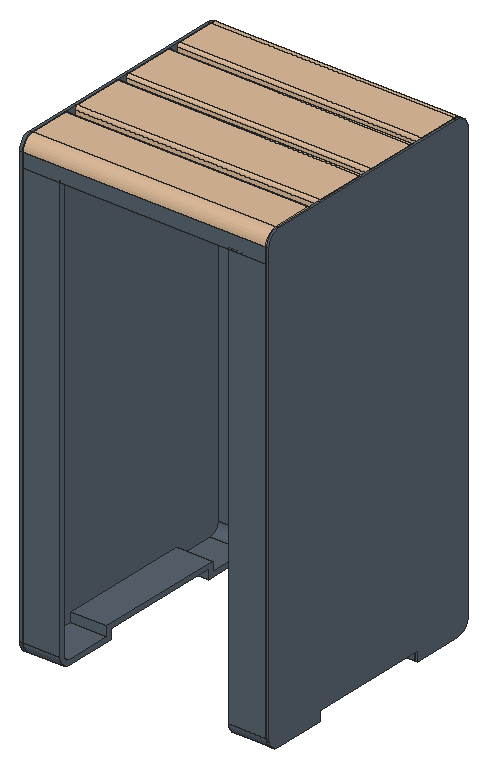
Revit family "product code 61110-S-L", category Meble, Revit 2021
Family settings
  Numer OmniClass = 23.40.20.00
  Tytuł OmniClass = General Furniture and Specialties
  Oparty na płaszczyźnie roboczej = Nie
  Zawsze pionowo = Tak
  Tnij formami wycięć po wczytaniu = Nie
  Współdzielony = Nie
  Punkt obliczania pomieszczeń = Nie
Parameters (values of type "61110-S-L")
  wood = Kobenhagen Wood - Larch
  metal = Kobenhagen RAL 5011
  Width = "40 cm"
  Weight = "30 kg"
  URL = "https://kobenhagen.com/en_US/p/Indre-By-Bar-Stool/211"
  Product line = "Indre By"
  Product Groups = "Stools"
  Producent = "Lars Laj"
  Keynote = ""
  Opis = "Indre By Bar Stool"
  Model = "61110-S-L"
  Material = "Larch, stainless steel, powder coated steel"
  Maintenance = "We recommend to examine and tighten all screws and bolt clamps after a few weeks’ use. In order to prevent cracks and to extend the life of the wood, it is recommended that the wood details should be oiled every 3-5 years."
  Lenght = "40 cm"
  Type Comments = ""
  Kobenhagen Materials = "larslaj.com/bim"
  Hosted on larslaj.com = "https://larslaj.com/bim"
  Height = "75 cm"
  Domyślna rzędna = 0 mm
  Copyright = "All designs and drawings are the intellectual property of Lars Laj A/S and are protected by Danish and international copyright laws."
Reference planes
  plane 1 "front": y = 0
  plane 2: z = 0
  plane 3 "Środek (Lewa/Prawa)": x = 0
  plane 4 "left": x = -196.25
  plane 5 "right": x = 195.938
  plane 6 "back": y = 400
  plane 7: x = -136.25
  plane 8: x = 135.937
  plane 9: z = 706.5
Forms (mm)
  Extrusion 1, solid, material "Kobenhagen Wood - Larch" <- "wood"
    sketch origin (0, -51.281, 318.96) x (0, 1, 0) y (0, 0, 1)
      loop
        arc (263.304, 429.703) -> (259.768, 428.239) -> (258.304, 424.703) r 5
        line (258.304, 424.703) -> (258.304, 390)
        arc (258.304, 390) -> (258.878, 388.615) -> (260.264, 388.04) r 1.96
        line (260.264, 388.04) -> (346.304, 388.04)
        arc (346.304, 388.04) -> (347.718, 388.626) -> (348.304, 390.04) r 2
        line (348.304, 390.04) -> (348.304, 424.703)
        arc (348.304, 424.703) -> (346.839, 428.239) -> (343.304, 429.703) r 5
        line (343.304, 429.703) -> (263.304, 429.703)
    from -196.25 to 195.937
  Extrusion 2, solid, material "Kobenhagen Wood - Larch" <- "wood"
    sketch origin (0, -153.73, 318.96) x (0, 1, 0) y (0, 0, 1)
      loop
        arc (263.253, 429.703) -> (259.718, 428.239) -> (258.253, 424.703) r 5
        line (258.253, 424.703) -> (258.253, 390)
        arc (258.253, 390) -> (258.827, 388.615) -> (260.213, 388.04) r 1.96
        line (260.213, 388.04) -> (346.253, 388.04)
        arc (346.253, 388.04) -> (347.668, 388.626) -> (348.253, 390.04) r 2
        line (348.253, 390.04) -> (348.253, 424.703)
        arc (348.253, 424.703) -> (346.789, 428.239) -> (343.253, 429.703) r 5
        line (343.253, 429.703) -> (263.253, 429.703)
    from -196.25 to 195.937
  Extrusion 3, solid, material "Kobenhagen Wood - Larch" <- "wood"
    sketch origin (0, -255.918, 318.96) x (0, 1, 0) y (0, 0, 1)
      loop
        arc (275.801, 429.704) -> (261.616, 423.828) -> (255.74, 409.642) r 20.061
        line (255.74, 409.642) -> (258.916, 409.642) -> (258.916, 388.04) -> (343.754, 388.04)
        arc (343.754, 388.04) -> (345.168, 388.626) -> (345.753, 390.04) r 1.999
        line (345.753, 390.04) -> (345.753, 424.706)
        arc (345.753, 424.706) -> (344.29, 428.24) -> (340.756, 429.704) r 4.998
        line (340.756, 429.704) -> (275.801, 429.704)
    from -196.25 to 195.937
  Extrusion 4, solid, material "Kobenhagen RAL 5011" <- "metal", not visible
    sketch origin (0, 0, 0) x (0, 1, 0) y (0, 0, 1)
      loop
        arc (71.187, 451.5) -> (57.045, 445.642) -> (51.187, 431.5) r 20
        line (51.187, 431.5) -> (51.187, 18.231)
        arc (51.187, 18.231) -> (56.527, 5.34) -> (69.418, 0) r 18.231
        line (69.418, 0) -> (153.638, 0) -> (153.638, 15) -> (448.638, 15) -> (448.638, 0) -> (527.023, 0)
        arc (527.023, 0) -> (542.307, 6.331) -> (548.638, 21.615) r 21.615
        line (548.638, 21.615) -> (548.638, 429.407)
        arc (548.638, 429.407) -> (542.168, 445.029) -> (526.545, 451.5) r 22.093
        line (526.545, 451.5) -> (71.187, 451.5)
    from 750.378 to 745
  Extrusion 5, solid, material "Kobenhagen RAL 5011" <- "metal", not visible
    sketch origin (0, 0, 0) x (0, 1, 0) y (0, 0, 1)
      loop
        line (548.638, 396.844) -> (629.375, 854.725) -> (601.836, 859.581)
        arc (601.836, 859.581) -> (585.224, 855.898) -> (576.082, 841.547) r 22.232
        line (576.082, 841.547) -> (507.306, 451.5) -> (526.545, 451.5)
        arc (526.545, 451.5) -> (542.168, 445.029) -> (548.638, 429.407) r 22.093
        line (548.638, 429.407) -> (548.638, 396.844)
    from 745 to 750.378
  Extrusion 6, solid, material "Kobenhagen RAL 5011" <- "metal"
    sketch origin (0, -51.25, 0) x (0, -1, 0) y (0, 0, 1)
      loop
        line (-71.187, 748.663) -> (-429.045, 748.663)
        arc (-429.045, 748.663) -> (-444.668, 742.192) -> (-451.138, 726.57) r 22.093
        line (-451.138, 726.57) -> (-451.138, 21.615)
        arc (-451.138, 21.615) -> (-444.807, 6.331) -> (-429.523, 0) r 21.615
        line (-429.523, 0) -> (-351.138, 0) -> (-351.138, 15) -> (-153.638, 15) -> (-153.638, 0) -> (-69.418, 0)
        arc (-69.418, 0) -> (-56.527, 5.34) -> (-51.187, 18.231) r 18.231
        line (-51.187, 18.231) -> (-51.187, 728.663)
        arc (-51.187, 728.663) -> (-57.045, 742.805) -> (-71.187, 748.663) r 20
    from 201.04 to 196.25
  Extrusion 7, solid, material "Kobenhagen RAL 5011" <- "metal"
    sketch origin (0, -51.25, 0) x (0, 1, 0) y (0, 0, 1)
      loop
        line (451.138, 23.296) -> (451.138, 707) -> (51.187, 707) -> (51.187, 18.763)
        arc (51.187, 18.763) -> (56.683, 5.495) -> (69.95, 0) r 18.763
        line (69.95, 0) -> (153.638, 0) -> (153.638, 15) -> (351.138, 15) -> (351.138, 0) -> (427.842, 0)
        arc (427.842, 0) -> (444.315, 6.823) -> (451.138, 23.296) r 23.296
      loop
        line (58.687, 701) -> (58.687, 18.763)
        arc (58.687, 18.763) -> (61.986, 10.799) -> (69.95, 7.5) r 11.263
        line (69.95, 7.5) -> (146.138, 7.5) -> (146.138, 22.5) -> (358.638, 22.5) -> (358.638, 7.5) -> (427.842, 7.5)
        arc (427.842, 7.5) -> (439.012, 12.127) -> (443.638, 23.296) r 15.796
        line (443.638, 23.296) -> (443.638, 701) -> (58.687, 701)
    from -196.25 to -136.25
  Extrusion 8, solid, material "Kobenhagen RAL 5011" <- "metal"
    sketch origin (0, -51.25, 298.895) x (0, 1, 0) y (0, 0, 1)
      loop
        line (53.936, 429.707) -> (51.187, 429.707) -> (51.187, 405.767) -> (73.779, 405.767) -> (73.779, 408.105) -> (53.936, 408.105) -> (53.936, 429.707)
    from -196.25 to 195.937
  Extrusion 9, solid, material "Kobenhagen Wood - Larch" <- "wood"
    sketch origin (0, 655.254, 318.96) x (0, -1, 0) y (0, 0, -1)
      loop
        line (275.801, -429.704) -> (340.733, -429.704)
        arc (340.733, -429.704) -> (344.267, -428.24) -> (345.731, -424.706) r 4.998
        line (345.731, -424.706) -> (345.731, -390.04)
        arc (345.731, -390.04) -> (345.145, -388.626) -> (343.731, -388.04) r 1.999
        line (343.731, -388.04) -> (258.705, -388.04) -> (258.705, -409.642) -> (255.74, -409.642)
        arc (255.74, -409.642) -> (261.616, -423.828) -> (275.801, -429.704) r 20.061
    from -196.25 to 195.938
  Extrusion 10, solid, material "Kobenhagen RAL 5011" <- "metal"
    sketch origin (0, -51.25, 0) x (0, -1, 0) y (0, 0, -1)
      loop
        arc (-71.187, -748.663) -> (-57.045, -742.805) -> (-51.187, -728.663) r 20
        line (-51.187, -728.663) -> (-51.187, -18.231)
        arc (-51.187, -18.231) -> (-56.527, -5.34) -> (-69.418, 0) r 18.231
        line (-69.418, 0) -> (-153.638, 0) -> (-153.638, -15) -> (-351.138, -15) -> (-351.138, 0) -> (-429.523, 0)
        arc (-429.523, 0) -> (-444.807, -6.331) -> (-451.138, -21.615) r 21.615
        line (-451.138, -21.615) -> (-451.138, -726.57)
        arc (-451.138, -726.57) -> (-444.668, -742.192) -> (-429.045, -748.663) r 22.093
        line (-429.045, -748.663) -> (-71.187, -748.663)
    from 201.04 to 196.25
  Extrusion 11, solid, material "Kobenhagen RAL 5011" <- "metal"
    sketch origin (0, -51.25, 0) x (0, 1, 0) y (0, 0, -1)
      loop
        arc (451.138, -23.296) -> (444.315, -6.823) -> (427.842, 0) r 23.296
        line (427.842, 0) -> (351.138, 0) -> (351.138, -15) -> (153.638, -15) -> (153.638, 0) -> (69.95, 0)
        arc (69.95, 0) -> (56.683, -5.495) -> (51.187, -18.763) r 18.763
        line (51.187, -18.763) -> (51.187, -707) -> (451.138, -707) -> (451.138, -23.296)
      loop
        line (58.687, -701) -> (443.638, -701) -> (443.638, -23.296)
        arc (443.638, -23.296) -> (439.012, -12.127) -> (427.842, -7.5) r 15.796
        line (427.842, -7.5) -> (358.638, -7.5) -> (358.638, -22.5) -> (146.138, -22.5) -> (146.138, -7.5) -> (69.95, -7.5)
        arc (69.95, -7.5) -> (61.986, -10.799) -> (58.687, -18.763) r 11.263
        line (58.687, -18.763) -> (58.687, -701)
    from -196.25 to -136.25
  Extrusion 12, solid, material "Kobenhagen RAL 5011" <- "metal"
    sketch origin (0, 392.5, 0) x (1, 0, 0) y (0, 1, 0)
      loop
        line (-136.25, 7.437) -> (-136.25, -0.063) -> (136.25, -0.063) -> (136.25, 7.437) -> (-136.25, 7.437)
    from 189.995 to 249.995
  Extrusion 13, solid, material "Kobenhagen RAL 5011" <- "metal"
    sketch origin (0, 450.922, 298.895) x (0, -1, 0) y (0, 0, -1)
      loop
        line (53.936, -429.707) -> (53.936, -408.105) -> (73.779, -408.105) -> (73.779, -405.767) -> (51.187, -405.767) -> (51.187, -429.707) -> (53.936, -429.707)
    from -196.25 to 195.937
Lines and regions (mm)
  model lines, style "9"
    curve 1: line (264.233, -99.489, 0) -> (264.233, -93.489, 0)
    curve 2: line (264.233, -399.489, 0) -> (264.233, -405.489, 0)
    curve 3: line (-304.767, -99.489, 0) -> (-304.767, -93.489, 0)
    curve 4: line (-304.767, -399.489, 0) -> (-304.767, -405.489, 0)
    curve 5: line (-281.767, -99.489, 0) -> (-281.767, -93.489, 0)
    curve 6: line (-281.767, -399.489, 0) -> (-281.767, -405.489, 0)
Dimensions and locks
  Extrusion 1 sketch curve to Extrusion 1 sketch curve = 90 mm
  Extrusion 1 sketch curve to Extrusion 1 sketch curve = 41.663 mm
  Extrusion 2 sketch curve to Extrusion 2 sketch curve = 90 mm
  Extrusion 2 sketch curve to Extrusion 2 sketch curve = 41.663 mm
  Extrusion 3 sketch curve to Extrusion 3 sketch curve = 41.663 mm
  Extrusion 9 sketch curve to Extrusion 9 sketch curve = 41.663 mm
  aligned and locked: level to plane 2
  aligned and locked: plane 5 "right" to Extrusion 1
  aligned and locked: Extrusion 1 to plane 4 "left"
  aligned and locked: plane 5 "right" to Extrusion 2
  aligned and locked: plane 5 "right" to Extrusion 3
  aligned and locked: Extrusion 2 to plane 4 "left"
  aligned and locked: Extrusion 3 to plane 4 "left"
  aligned and locked: plane 4 "left" to Extrusion 6
  aligned and locked: Extrusion 7 to plane 4 "left"
  aligned and locked: plane 7 to Extrusion 7
  aligned and locked: Extrusion 8 to plane 4 "left"
  aligned and locked: plane 5 "right" to Extrusion 8
  aligned and locked: Extrusion 10 to Extrusion 6
